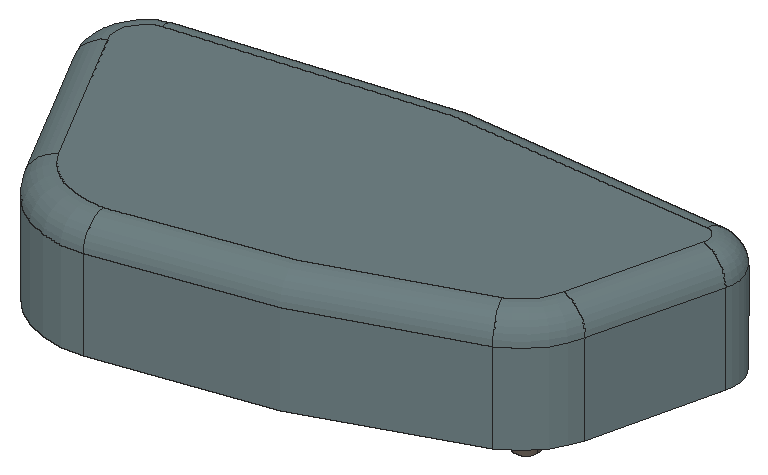
Revit family "FU_Modular_Sandler_Flow 06050", category Furniture, Revit 2022
Family settings
  OmniClass Number = 23.40.20.00
  OmniClass Title = General Furniture and Specialties
  Work Plane-Based = No
  Always vertical = Yes
  Cut with Voids When Loaded = No
  Render Appearance Source = Family Geometry
  Shared = No
  Room Calculation Point = No
Parameters (values of type "Flow 06050")
  Width = 2130 mm
  URL = "https://www.sandlerseating.com/product/flow-06050/"
  Shell [instance] = Fabric - X2 - Polygon AK002
  Model = "Flow 06050"
  Manufacturer = "Sandler"
  Height = 450 mm
  Description = "Left-hand seat in the Flow modular seating series. Irregular shape with no backrest. Comfortable webbed seat."
  Depth = 1150 mm
  Default Elevation = 0 mm
Reference planes
  plane 1 "Center (Front/Back)": y = 0
  plane 2: z = 0
  plane 3 "Center (Left/Right)": x = 0
  plane 4 "Right": x = -1065
  plane 5 "Left": x = 1065
  plane 6 "Back": y = 575
  plane 7 "Front": y = -575
  plane 8 "Height": z = 450
  plane 9 "Seat Base": z = 50
Forms (mm)
  Extrusion 1, solid, material "Wood - Beech - Wenge"
    sketch origin (-4.7, 2.795, 0) x (1, 0, 0) y (0, 1, 0)
      loop
        circle (-530.463, -414.937) r 40
      loop
        circle (-917.157, 302.792) r 40
      loop
        circle (944.431, 401.307) r 40
      loop
        circle (777.154, -159.036) r 40
    from 0 to 55
  Extrusion 2, solid, material "Fabric - X2 - Polygon AK002" <- "Shell"
    sketch origin (0, 0, 50) x (-1, 0, 0) y (0, -1, 0)
      loop
        arc (738.548, 362.816) -> (588.623, 518.503) -> (377.298, 563.865) r 370
        arc (377.298, 563.865) -> (-203.219, 467.579) -> (-761.201, 280.688) r 3708.81
        arc (-761.201, 280.688) -> (-862.424, 207.216) -> (-921.557, 96.999) r 280
        line (-921.557, 96.999) -> (-1040.925, -339.095)
        arc (-1040.925, -339.095) -> (-1022.545, -456.552) -> (-922.502, -520.783) r 145
        arc (-922.502, -520.783) -> (-16.169, -575.475) -> (885.722, -470.476) r 5160.671
        arc (885.722, -470.476) -> (1021.949, -364.044) -> (1020.063, -191.18) r 195
        line (1020.063, -191.18) -> (738.548, 362.816)
    from 0 to 400
  Sweep 3, void
    path in 3D
      loop
        arc (-738.548, -362.816, 450) -> (-588.623, -518.503, 450) -> (-377.298, -563.865, 450) r 370
        arc (-377.298, -563.865, 450) -> (203.219, -467.579, 450) -> (761.201, -280.688, 450) r 3708.81
        arc (761.201, -280.688, 450) -> (862.424, -207.216, 450) -> (921.557, -96.999, 450) r 280
        line (921.557, -96.999, 450) -> (1040.925, 339.095, 450)
        arc (1040.925, 339.095, 450) -> (1022.545, 456.552, 450) -> (922.502, 520.783, 450) r 145
        arc (922.502, 520.783, 450) -> (16.169, 575.475, 450) -> (-885.722, 470.476, 450) r 5160.671
        arc (-885.722, 470.476, 450) -> (-1021.949, 364.044, 450) -> (-1020.063, 191.18, 450) r 195
        line (-1020.063, 191.18, 450) -> (-738.548, -362.816, 450)
    profile "Pro_edgeCut_95mm : Pro_edgeCut_95mm" origin (-879.306, -85.818, 450) x (0.891501, 0.453019, 0) y (0, 0, 1)
      loop
        line (95, 0) -> (95, 48) -> (-48, 48) -> (-48, -95) -> (0, -95)
        arc (0, -95) -> (27.825, -27.825) -> (95, 0) r 95
Cuts and joins
  Sweep 3 cuts Extrusion 2
Lines and regions (mm)
  sketch lines
    curve 1: line (-1020.063, 191.18, 450) -> (-738.548, -362.816, 450)
    curve 2: arc (-377.298, -563.865, 450) -> (-588.623, -518.503, 450) -> (-738.548, -362.816, 450) r 370
    curve 3: arc (761.201, -280.688, 450) -> (203.219, -467.579, 450) -> (-377.298, -563.865, 450) r 3708.81
    curve 4: arc (921.557, -96.999, 450) -> (862.424, -207.216, 450) -> (761.201, -280.688, 450) r 280
    curve 5: line (921.557, -96.999, 450) -> (1040.925, 339.095, 450)
    curve 6: arc (922.502, 520.783, 450) -> (1022.545, 456.552, 450) -> (1040.925, 339.095, 450) r 145
    curve 7: arc (-885.722, 470.476, 450) -> (16.169, 575.475, 450) -> (922.502, 520.783, 450) r 5160.671
    curve 8: arc (-1020.063, 191.18, 450) -> (-1021.949, 364.044, 450) -> (-885.722, 470.476, 450) r 195
Dimensions and locks
  equal spacing: plane 6 "Back", plane 1 "Center (Front/Back)", plane 7 "Front"
  "Depth": plane 6 "Back" to plane 7 "Front"
  equal spacing: plane 4 "Right", plane 3 "Center (Left/Right)", plane 5 "Left"
  "Width": plane 4 "Right" to plane 5 "Left"
  "Height": plane 8 "Height" to level
  aligned and locked: level to plane 2
Automatic sketch dimensions
  plane 4 "Right" to Extrusion 1 sketch curve = 143.143 mm
  plane 7 "Front" to Extrusion 1 sketch curve = 162.858 mm
  plane 4 "Right" to Extrusion 1 sketch curve = 529.837 mm
  Extrusion 1 sketch curve to plane 5 "Left" = 292.546 mm
  Extrusion 1 sketch curve to plane 5 "Left" = 125.269 mm
  plane 1 "Center (Front/Back)" to Extrusion 1 sketch curve = 156.241 mm
  Extrusion 1 sketch curve to plane 6 "Back" = 269.413 mm
  Extrusion 1 sketch curve to plane 6 "Back" = 170.898 mm
  Extrusion 2 sketch curve to plane 5 "Left" = 24.075 mm
  Extrusion 2 sketch curve to plane 5 "Left" = 143.443 mm
  Extrusion 2 sketch curve to Extrusion 2 sketch curve = 139.855 mm
  plane 1 "Center (Front/Back)" to Extrusion 2 sketch curve = 23.076 mm
  Extrusion 2 sketch curve to Extrusion 2 sketch curve = 270.066 mm
  plane 3 "Center (Left/Right)" to Extrusion 2 sketch curve = 159.69 mm
  plane 1 "Center (Front/Back)" to Extrusion 2 sketch curve = 195.199 mm
  Extrusion 2 sketch curve to plane 3 "Center (Left/Right)" = 408.693 mm
  plane 4 "Right" to Extrusion 2 sketch curve = 373.009 mm
  plane 4 "Right" to Extrusion 2 sketch curve = 326.452 mm
  plane 4 "Right" to Extrusion 2 sketch curve = 218.78 mm
  plane 4 "Right" to Extrusion 2 sketch curve = 44.937 mm
  Extrusion 2 sketch curve to plane 1 "Center (Front/Back)" = 191.18 mm
  Extrusion 2 sketch curve to Extrusion 2 sketch curve = 88.339 mm
  Extrusion 2 sketch curve to plane 6 "Back" = 235.905 mm
  Extrusion 2 sketch curve to Extrusion 2 sketch curve = 38.281 mm
  plane 6 "Back" to Extrusion 2 sketch curve = 2556.57 mm
  plane 1 "Center (Front/Back)" to Extrusion 2 sketch curve = 96.999 mm
  plane 7 "Front" to Extrusion 2 sketch curve = 212.184 mm
  Extrusion 2 sketch curve to plane 7 "Front" = 4008.2 mm
  Extrusion 2 sketch curve to Extrusion 2 sketch curve = 0 mm  (x2)
  radius of Extrusion 1 sketch curve = 40 mm  (x4)
